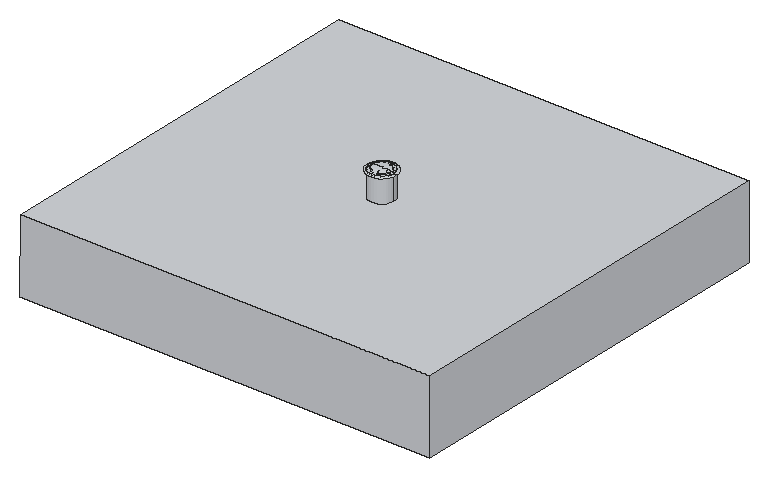
Revit family "Alcon-9071-Revit-Family", category Luminarias, Revit 2025
Family settings
  Anfitrión = Cara
  Cota de conector redondo = Usar diámetro
  Tipo de pieza = Normal
  Corte con vacíos al cargar = No
  Origen de luz = Sí
  Mantener orientación de anotación = No
  Compartido = No
  Punto de cálculo de habitación = No
Parameters
  Tilt Angle = 60.00°
  built-in parameter 1010506 = 0.5236 (stored number, unit not read)
  built-in parameter 1010507 = 1.5708 (stored number, unit not read)
  Wattage = 9.2903 W
  URL = "https://www.alconlighting.com/9071.html"
  built-in parameter 1150107 = 3200 (stored number, unit not read)
  TOP FINISH = none
  built-in parameter 1150110 = 1 (stored number, unit not read)
  built-in parameter 1150109 = 1 (stored number, unit not read)
  built-in parameter 1150112 = 1 (stored number, unit not read)
  built-in parameter 1150113 = 1 (stored number, unit not read)
  built-in parameter 1114218 = 1 (stored number, unit not read)
  Product Page = "https://www.alconlighting.com/9071.html"
  Product Data URL = "https://www.alconlighting.com/9071.html"
  built-in parameter 1150137 = (empty or 0)
  built-in parameter 1150132 = (empty or 0)
  Modelo = "Alcon Lighting 9071"
  Longitud de símbolo de origen de luz = 10' - 0"
  Link to IES File = "https://www.alconlighting.com/9071.html"
  LENS GLASS = Glass
  built-in parameter 1150105 = 4614.1 (stored number, unit not read)
  built-in parameter 1150102 = (empty or 0)
  built-in parameter 1150106 = 46.141 (stored number, unit not read)
  Lumens = 1380 lm
  Color Filter = 16777215
  built-in parameter 1114217 = 1 (stored number, unit not read)
  built-in parameter 1150139 = (empty or 0)
  Fabricante = "Alcon Lighting"
  Default Elevation = 4' - 0"
  built-in parameter 1150104 = 13.8 (stored number, unit not read)
  built-in parameter 1150115 = 1 (stored number, unit not read)
  built-in parameter 1150114 = 1 (stored number, unit not read)
  built-in parameter 1150138 = (empty or 0)
  built-in parameter 1150134 = 3
  Dimming Lamp Color Temperature Shift = (empty or 0)
  built-in parameter 1150133 = 10 (stored number, unit not read)
Reference planes (in)
  plane 1 "Center (Front/Back)": y = 0
  plane 2: z = 0
  plane 3 "Center (Left/Right)": x = 0
  plane 4: z = 2.67361
Forms (in)
  Extrusion 1, solid
    sketch origin (0, 0, 0) x (1, 0, 0) y (0, 1, 0)
      loop
        line (-33, 32.41633) -> (-33, -32.59453) -> (33.96505, -32.59453) -> (33.96505, 32.41633) -> (-33, 32.41633)
    from 0 to -12
  Revolve 2, solid
    sketch origin (0, 0, 0) x (1, 0, 0) y (0, 0, 1)
      loop
        line (1.92913, 0.04309) -> (0, 0.04309) -> (0, 0) -> (1.9685, 0) -> (1.9685, 3.94) -> (1.92913, 3.94) -> (1.92913, 0.04309)
      axis (0, 3.94) -> (0, 0)
    angle from 0 to 360
  Revolve 3, solid
    sketch origin (0, 0, 1.10299) x (1, 0, 0) y (0, 0, 1)
      loop
        line (1.5726, 2.95276) -> (1.5726, 2.83701) -> (2.36, 2.83701) -> (1.99408, 2.95276) -> (1.5726, 2.95276)
      axis (0, 2.95276) -> (0, 2.83701)
    angle from 0 to 360
  Revolve 4, solid
    sketch origin (0, 0, 1.26639) x (1, 0, 0) y (0, 0, 1)
      loop
        arc (1.99408, 2.78936) -> (1.01085, 3.03693) -> (0, 3.11586) r 6.01566
        line (0, 3.11586) -> (0, 3.05336)
        arc (0, 3.05336) -> (0.79302, 3.00552) -> (1.5726, 2.85251) r 5.95316
        line (1.5726, 2.85251) -> (1.5726, 2.78936) -> (1.99408, 2.78936)
      axis (0, 3.11586) -> (0, 2.78936)
    angle from 0 to 360
  Extrusion 5, void
    sketch origin (0, 0, 1.26639) x (1, 0, 0) y (0, 1, 0)
      loop
        line (0.19685, -0.19685) -> (0.50241, -1.92975)
        arc (0.50241, -1.92975) -> (1.41002, -1.41002) -> (1.92975, -0.50241) r 1.99408
        line (1.92975, -0.50241) -> (0.19685, -0.19685)
      loop
        line (0.19685, 0.19685) -> (1.92975, 0.50241)
        arc (1.92975, 0.50241) -> (1.41002, 1.41002) -> (0.50241, 1.92975) r 1.99408
        line (0.50241, 1.92975) -> (0.19685, 0.19685)
      loop
        line (-0.19685, -0.19685) -> (-1.92975, -0.50241)
        arc (-1.92975, -0.50241) -> (-1.41002, -1.41002) -> (-0.50241, -1.92975) r 1.99408
        line (-0.50241, -1.92975) -> (-0.19685, -0.19685)
      loop
        line (-0.19685, 0.19685) -> (-0.50241, 1.92975)
        arc (-0.50241, 1.92975) -> (-1.41002, 1.41002) -> (-1.92975, 0.50241) r 1.99408
        line (-1.92975, 0.50241) -> (-0.19685, 0.19685)
      loop
        circle (-1.79077, 0) r 0.05906
      loop
        circle (1.79077, 0) r 0.05906
      loop
        circle (0, 1.79077) r 0.05906
      loop
        circle (0, -1.79077) r 0.05906
    from 2.78936 to 2.97146
Cuts and joins
  Extrusion 5 cuts Revolve 3
  Extrusion 5 cuts Revolve 4
Dimensions and locks (in)
  aligned and locked: plane 2 to Extrusion 1
  aligned and locked: level to Extrusion 1
